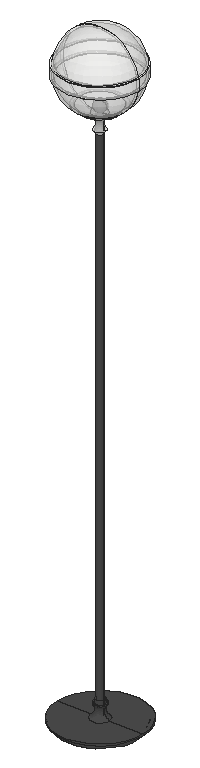
Revit family "PEGGY-Floor", category Lighting Fixtures, Revit 2020
Family settings
  Round Connector Dimension = Use Diameter
  Part Type = Normal
  OmniClass Number = 23.80.70.00
  OmniClass Title = Lighting
  Work Plane-Based = Yes
  Always vertical = Yes
  Cut with Voids When Loaded = No
  Light Source = No
  Shared = No
  Room Calculation Point = No
Parameters (values of type "PEGGY PT")
  World Region [instance] = yes
  Width = 20 mm
  Voltage Control [instance] = if(World Region, 240 VA, 110 VA)  # 240 VA
  Voltage [instance] = if(World Region, 240 V, 110 V)  # 240 V
  USA and Canada market contacts = "ip@vistosi.it, +39.344.180.73.87"
  USA Region [instance] = not(World Region)  # no
  URL Product Page = "https://vistosi.it/glass-lamps-products/peggy-pt/?lang=en&sku=PEGGYPT000000NELBCLUE141CE"
  URL = "https://vistosi.com"
  Type Comments = "Hangar Design Group"
  Region [instance] = if(World Region, "Europe", "USA")  # "Europe"
  Product data url = ""
  Model = "PEGGY"
  Material Bulb [instance] = 000_VISTOSI_Bulb
  Manufacturer country = "Italy"
  Manufacturer = "Vistosi"
  Light Source [instance] = Bulb : 2700 K 13 W 37 V 2000 lm DIM2 Phase Cut
  Glass finish_type1 [instance] = none
  Frequency [instance] = if(World Region, 50 Hz, 60 Hz)  # 50 Hz
  Frame finish [instance] = none
  Designer = "Hangar Design Group"
  Description = "FLOOR LAMP"
  Depth = 28 mm
  Default Elevation = 1219.2 mm
  Height = 1400 mm
  Country = "Europe"
  Contact = "T. +39 041 5903480 Email: vistosi@vistosi.it"
  Bulb Diametr = 15 mm
  BIMobject category = ""
Reference planes
  plane 1 "Light Source Axis (F/B)": y = 0
  plane 2: z = 0
  plane 3 "Light Source Axis (L/R)": x = 0
  plane 4 "Light Source Elevation": z = 480
  plane 5: z = 1400
Forms (mm)
  Extrusion 1, solid, material <- "Frame finish"
    sketch origin (-449.822, 0, 0) x (1, 0, 0) y (0, 1, 0)
      loop
        circle (449.822, 0) r 8
    from 0 to 1400
  Revolve 2, solid, material <- "Frame finish"
    sketch origin (0, 0, 0) x (1, 0, 0) y (0, 0, 1)
      loop
        line (0, 58.132) -> (-10.84, 58.132) -> (-10.84, 49.948) -> (-15.918, 49.948) -> (-15.918, 48.721)
        arc (-15.918, 48.721) -> (-11.16, 30.338) -> (-22.356, 15) r 22.201
        line (-22.356, 15) -> (0, 15) -> (0, 58.132)
      axis (0, 58.132) -> (0, 15)
    angle from 0 to 360
  Revolve 3, solid, material <- "Frame finish"
    sketch origin (0, 0, 0) x (1, 0, 0) y (0, 0, 1)
      loop
        line (-8, 15) -> (-110, 15) -> (-110, 12) -> (-100, 12) -> (-100, -0.12) -> (-8, -0.12) -> (-8, 15)
      axis (0, 15) -> (0, -0.12)
    angle from 0 to 360
Lines and regions (mm)
  Filled region 1, type "MODELLO_2D_JUBE LT     G  -.dwg-1", in view "Front"
    outline origin (0, 0, 0) x (1, 0, 0) y (0, 0, 1)
      loop
        spline (3720.26, -1101.511) -> (3720.266, -1101) -> (3720.276, -1100.445) -> (3720.279, -1099.863) -> (3720.264, -1099.271) -> (3720.219, -1098.685) -> (3720.134, -1098.124) -> (3719.997, -1097.602) -> (3719.796, -1097.138) -> (3719.522, -1096.748) -> (3719.162, -1096.448) -> (3718.706, -1096.256) -> (3718.142, -1096.188)
        spline (3718.142, -1096.188) -> (3717.768, -1096.231) -> (3717.446, -1096.352) -> (3717.171, -1096.544) -> (3716.94, -1096.798) -> (3716.749, -1097.104) -> (3716.595, -1097.454) -> (3716.475, -1097.84) -> (3716.384, -1098.251) -> (3716.319, -1098.68) -> (3716.277, -1099.117) -> (3716.255, -1099.556) -> (3716.249, -1099.987)
        line (3716.249, -1099.987) -> (3716.249, -1104.121) -> (3720.26, -1104.121) -> (3720.26, -1101.511)
Dimensions and locks
  "Height": plane 5 to plane 2
  aligned and locked: level to plane 2
  aligned and locked: Extrusion 1 to plane 2
  aligned and locked: plane 5 to Extrusion 1
  aligned and locked: plane 3 "Light Source Axis (L/R)" to nested 1
  aligned and locked: plane 1 "Light Source Axis (F/B)" to nested 1
Automatic sketch dimensions
  Filled region 1 sketch curve to level = 1104.121 mm
  plane 3 "Light Source Axis (L/R)" to Filled region 1 sketch curve = 3716.249 mm
  Filled region 1 sketch curve to level = 1096.188 mm
  Filled region 1 sketch curve to Filled region 1 sketch curve = 1.893 mm
  Filled region 1 sketch curve to level = 1101.511 mm
  Filled region 1 sketch curve to Filled region 1 sketch curve = 4.011 mm
  Filled region 1 sketch curve to Filled region 1 sketch curve = 4.134 mm
  plane 1 "Light Source Axis (F/B)" to Extrusion 1 sketch curve = 0 mm
  plane 3 "Light Source Axis (L/R)" to Extrusion 1 sketch curve = 0 mm
  Revolve 2 sketch curve to plane 3 "Light Source Axis (L/R)" = 0 mm  (x2)
  Revolve 2 sketch curve to plane 3 "Light Source Axis (L/R)" = 10.84 mm
  Revolve 2 sketch curve to Revolve 2 sketch curve = 5.078 mm
  level to Revolve 2 sketch curve = 15 mm
  Revolve 2 sketch curve to plane 3 "Light Source Axis (L/R)" = 22.356 mm
  Revolve 2 sketch curve to Revolve 2 sketch curve = 17.049 mm
  Revolve 2 sketch curve to Revolve 2 sketch curve = 19.501 mm
  Revolve 2 sketch curve to Revolve 2 sketch curve = 1.228 mm
  Revolve 2 sketch curve to Revolve 2 sketch curve = 8.184 mm
  Revolve 2 sketch curve to Revolve 2 sketch curve = 0 mm  (x2)
  Revolve 3 sketch curve to plane 3 "Light Source Axis (L/R)" = 0 mm
  Revolve 3 sketch curve to plane 3 "Light Source Axis (L/R)" = 8 mm
  Revolve 3 sketch curve to level = 0.12 mm
  Revolve 3 sketch curve to Revolve 3 sketch curve = 92 mm
  Revolve 3 sketch curve to Revolve 3 sketch curve = 10 mm
  level to Revolve 3 sketch curve = 12 mm
  Revolve 3 sketch curve to Revolve 3 sketch curve = 3 mm
  Revolve 3 sketch curve to level = 5 mm
  Revolve 3 sketch curve to Revolve 3 sketch curve = 0 mm
  radius of Extrusion 1 sketch curve = 8 mm
Nested families
  nested 1: "PEGGY_Lampshade" at (0, 0, 1400), Frame finish <- "Frame finish", Glass finish_type1 <- "Glass finish_type1", Material Bulb <- "Material Bulb", Bulb Diametr <- "Bulb Diametr", type "Peggy"
    with Material Bulb 000_VISTOSI_Bulb, Glass finish_type1 none, Frame finish none, Bulb Diametr 15 mm
  nested 2: "Bulb" at (0, 0, -80), type "2700 K 13 W 37 V 2000 lm DIM2 Phase Cut"
    with Material 000_VISTOSI_Bulb, Diameter bulb 15 mm
Connectors
  electrical at (0, 0, 0), driven by "Voltage", driven by "Voltage Control"
    settings: on Extrusion 1, index 1, voltage 240 V, apparent load 0 VA, apparent load phase1 240 VA, apparent load phase2 0 VA, apparent load phase3 0 VA, power factor 1, load classification "Other", number of poles 1, system type 31, power factor state 1, is connector primary yes, connector utility no, sub classification motor no, connector description ""
Definition of nested family "PEGGY_Lampshade"
  Parameters (values of type "Peggy")
    Material Bulb [instance] = none
    Glass finish_type1 [instance] = none
    Frame finish [instance] = none
    Description = "Lampshade"  # constant formula
    Default Elevation = 1000 mm
    Bulb Diametr [instance] = 15 mm
  Reference planes
    plane 1 "Center (Front/Back)": y = 0
    plane 2: z = 0
    plane 3 "Center (Left/Right)": x = 0
    plane 4: x = -101.5
    plane 5: x = 101.5
  Forms (mm)
    Extrusion 1, solid
      sketch origin (0, 0, 0) x (1, 0, 0) y (0, 1, 0)
        loop
          line (-1219.2, 1219.2) -> (-1219.2, -1219.2) -> (1219.2, -1219.2) -> (1219.2, 1219.2) -> (-1219.2, 1219.2)
      from 0 to -304.8
    Revolve 2, solid, material <- "Frame finish"
      sketch origin (-3.594, 0, 0.043) x (1, 0, 0) y (0, 0, 1)
        loop
          line (-1.406, -0.043) -> (-1.406, 4.957) -> (-15.8, 4.957)
          arc (-15.8, 4.957) -> (-34.037, 11.853) -> (-50.186, 22.777) r 83.779
          line (-50.186, 22.777) -> (-57.574, 22.777)
          arc (-57.574, 22.777) -> (-38.53, 8.589) -> (-16.406, -0.043) r 88.779
          line (-16.406, -0.043) -> (-1.406, -0.043)
        axis (3.594, -0.043) -> (3.594, 22.777)
      angle from 0 to 360
    Revolve 3, solid, material <- "Glass finish_type1"
      sketch origin (-3.594, 0, 0.043) x (1, 0, 0) y (0, 0, 1)
        loop
          line (-56.56, 22.777) -> (-47.535, 22.777)
          arc (-47.535, 22.777) -> (-75.88, 50.457) -> (-89.079, 87.813) r 87.336
          line (-89.079, 87.813) -> (-94.108, 87.813)
          arc (-94.108, 87.813) -> (-82.244, 51.305) -> (-56.56, 22.777) r 92.336
        axis (3.594, 22.777) -> (3.594, 87.813)
      angle from 0 to 360
    Revolve 4, solid, material <- "Frame finish"
      sketch origin (-3.594, 0, 0.043) x (1, 0, 0) y (0, 0, 1)
        loop
          line (-89.053, 87.813) -> (-89.053, 117.813) -> (-97.906, 117.813) -> (-97.906, 87.813) -> (-89.053, 87.813)
        axis (3.594, 87.813) -> (3.594, 117.813)
      angle from 0 to 360
    Revolve 5, solid, material <- "Glass finish_type1"
      sketch origin (-3.594, 0, 0.043) x (1, 0, 0) y (0, 0, 1)
        loop
          arc (3.594, 200.813) -> (-61.008, 177.855) -> (-94.106, 117.813) r 96.6
          line (-94.106, 117.813) -> (-89.053, 117.813)
          arc (-89.053, 117.813) -> (-57.459, 174.308) -> (3.594, 195.811) r 91.6
          line (3.594, 195.811) -> (3.594, 200.813)
        axis (3.594, 117.813) -> (3.594, 200.813)
      angle from 0 to 360
    Revolve 6, solid, material <- "Frame finish"
      sketch origin (-3.594, 0, 0.043) x (1, 0, 0) y (0, 0, 1)
        loop
          line (3.594, -0.043) -> (-16.406, -0.043)
          arc (-16.406, -0.043) -> (-5.964, -16.408) -> (-11.406, -35.043) r 23.487
          line (-11.406, -35.043) -> (3.594, -35.043) -> (3.594, -0.043)
        axis (3.594, -35.043) -> (3.594, -0.043)
      angle from 0 to 360
    Revolve 7, solid, material <- "Frame finish"
      sketch origin (-3.594, 0, 0.043) x (1, 0, 0) y (0, 0, 1)
        loop
          line (3.594, -43.043) -> (3.594, -35.043) -> (-6.406, -35.043) -> (-6.406, -43.043) -> (3.594, -43.043)
        axis (3.594, -43.043) -> (3.594, -35.043)
      angle from 0 to 360
  Lines and regions (mm)
    Masking region 1, not visible
      outline origin (0, 0, 0) x (1, 0, 0) y (0, 1, 0)
        loop
          circle (0, 0) r 225
    Masking region 2, not visible
      outline origin (0, 0, 0) x (1, 0, 0) y (0, 1, 0)
        loop
          circle (0, 0) r 172.6
    Masking region 3
      outline origin (0, 0, 0) x (1, 0, 0) y (0, 1, 0)
        loop
          circle (0, 0) r 80
  Dimensions and locks
    locked: nested 1 to level at 20
    aligned and locked: plane 2 to Extrusion 1
    aligned and locked: level to Extrusion 1
    aligned and locked: plane 3 "Center (Left/Right)" to nested 1
  Nested families
    nested 1: "Bulb" at (0, 0, -1480), Material <- "Material Bulb", Diameter bulb <- "Bulb Diametr", type "2700 K 13 W 37 V 2000 lm DIM2 Phase Cut"
      with Material none, Diameter bulb 15 mm
  Definition of nested family "Bulb"
    Parameters (values of type "3000 K 13 W 37 V 2000 lm DIM3 0-10V, Push")
      Wattage = 13.4642 W
      built-in parameter 1150110 = 1 (stored number, unit not read)
      USA and Canada market contacts = ""
      built-in parameter 1114217 = 1 (stored number, unit not read)
      built-in parameter 1150109 = 1 (stored number, unit not read)
      built-in parameter 1150134 = (empty or 0)
      built-in parameter 1150113 = 1 (stored number, unit not read)
      Material [instance] = none
      Diameter bulb [instance] = 15 mm
      Lumens = 2000 lm
      built-in parameter 1150115 = 1 (stored number, unit not read)
      built-in parameter 1150105 = 159.15 (stored number, unit not read)
      Light Source Symbol Size = 30 mm
      built-in parameter 1150137 = (empty or 0)
      built-in parameter 1150139 = (empty or 0)
      built-in parameter 1150112 = 1 (stored number, unit not read)
      built-in parameter 1150114 = 1 (stored number, unit not read)
      built-in parameter 1150132 = 2
      built-in parameter 1150102 = (empty or 0)
      built-in parameter 1150138 = (empty or 0)
      built-in parameter 1150107 = 3000 (stored number, unit not read)
      built-in parameter 1150106 = 1.5915 (stored number, unit not read)
      built-in parameter 1150104 = 13.8 (stored number, unit not read)
      Dimming Lamp Color Temperature Shift = (empty or 0)
      Default Elevation = 1219.2 mm
      Color Filter = 16777215
      built-in parameter 1114218 = 1 (stored number, unit not read)
      built-in parameter 1150133 = 10 (stored number, unit not read)
    Types (4, lengths in mm): name | built-in parameter 1150107
      2700 K 13 W 37 V 2000 lm DIM2 Phase Cut | 2700 (stored number, unit not read)
      2700 K 13 W 37 V 2000 lm DIM3 0-10V, Push | 2700 (stored number, unit not read)
      3000 K 13 W 37 V 2000 lm DIM2 Phase Cut | 3000 (stored number, unit not read)
      3000 K 13 W 37 V 2000 lm DIM3 0-10V, Push | 3000 (stored number, unit not read)
    Reference planes
      plane 1 "Light Source Axis (F/B)": y = 0
      plane 2: z = 0
      plane 3 "Light Source Axis (L/R)": x = 0
      plane 4 "Light Source Elevation": z = 1500
    Forms (mm)
      Revolve 1, solid, material <- "Material"
        sketch origin (0, 0, 0) x (1, 0, 0) y (0, 0, 1)
          loop
            arc (0, 1515) -> (-15, 1500) -> (0, 1485) r 15
            line (0, 1485) -> (0, 1515)
          axis (0, 1515) -> (0, 1485)
        angle from 0 to 360
    Dimensions and locks
      "Diameter bulb": radius of Revolve 1 sketch curve
      aligned and locked: plane 3 "Light Source Axis (L/R)" to imposter light
      aligned and locked: plane 1 "Light Source Axis (F/B)" to imposter light
      aligned and locked: plane 4 "Light Source Elevation" to imposter light
      aligned and locked: level to plane 2
    Automatic sketch dimensions
      Revolve 1 sketch curve to plane 3 "Light Source Axis (L/R)" = 0 mm  (x2)
      Revolve 1 sketch curve to plane 4 "Light Source Elevation" = 0 mm
      Revolve 1 sketch curve to Revolve 1 sketch curve = 5 mm  (x2)
Definition of nested family "Bulb"
  Parameters (values of type "3000 K 13 W 37 V 2000 lm DIM3 0-10V, Push")
    Wattage = 13.4642 W
    built-in parameter 1150110 = 1 (stored number, unit not read)
    USA and Canada market contacts = ""
    built-in parameter 1114217 = 1 (stored number, unit not read)
    built-in parameter 1150109 = 1 (stored number, unit not read)
    built-in parameter 1150134 = (empty or 0)
    built-in parameter 1150113 = 1 (stored number, unit not read)
    Material [instance] = none
    Diameter bulb [instance] = 15 mm
    Lumens = 2000 lm
    built-in parameter 1150115 = 1 (stored number, unit not read)
    built-in parameter 1150105 = 159.15 (stored number, unit not read)
    Light Source Symbol Size = 30 mm
    built-in parameter 1150137 = (empty or 0)
    built-in parameter 1150139 = (empty or 0)
    built-in parameter 1150112 = 1 (stored number, unit not read)
    built-in parameter 1150114 = 1 (stored number, unit not read)
    built-in parameter 1150132 = 2
    built-in parameter 1150102 = (empty or 0)
    built-in parameter 1150138 = (empty or 0)
    built-in parameter 1150107 = 3000 (stored number, unit not read)
    built-in parameter 1150106 = 1.5915 (stored number, unit not read)
    built-in parameter 1150104 = 13.8 (stored number, unit not read)
    Dimming Lamp Color Temperature Shift = (empty or 0)
    Default Elevation = 1219.2 mm
    Color Filter = 16777215
    built-in parameter 1114218 = 1 (stored number, unit not read)
    built-in parameter 1150133 = 10 (stored number, unit not read)
  Types (4, lengths in mm): name | built-in parameter 1150107
    2700 K 13 W 37 V 2000 lm DIM2 Phase Cut | 2700 (stored number, unit not read)
    2700 K 13 W 37 V 2000 lm DIM3 0-10V, Push | 2700 (stored number, unit not read)
    3000 K 13 W 37 V 2000 lm DIM2 Phase Cut | 3000 (stored number, unit not read)
    3000 K 13 W 37 V 2000 lm DIM3 0-10V, Push | 3000 (stored number, unit not read)
  Reference planes
    plane 1 "Light Source Axis (F/B)": y = 0
    plane 2: z = 0
    plane 3 "Light Source Axis (L/R)": x = 0
    plane 4 "Light Source Elevation": z = 1500
  Forms (mm)
    Revolve 1, solid, material <- "Material"
      sketch origin (0, 0, 0) x (1, 0, 0) y (0, 0, 1)
        loop
          arc (0, 1515) -> (-15, 1500) -> (0, 1485) r 15
          line (0, 1485) -> (0, 1515)
        axis (0, 1515) -> (0, 1485)
      angle from 0 to 360
  Dimensions and locks
    "Diameter bulb": radius of Revolve 1 sketch curve
    aligned and locked: plane 3 "Light Source Axis (L/R)" to imposter light
    aligned and locked: plane 1 "Light Source Axis (F/B)" to imposter light
    aligned and locked: plane 4 "Light Source Elevation" to imposter light
    aligned and locked: level to plane 2
  Automatic sketch dimensions
    Revolve 1 sketch curve to plane 3 "Light Source Axis (L/R)" = 0 mm  (x2)
    Revolve 1 sketch curve to plane 4 "Light Source Elevation" = 0 mm
    Revolve 1 sketch curve to Revolve 1 sketch curve = 5 mm  (x2)
